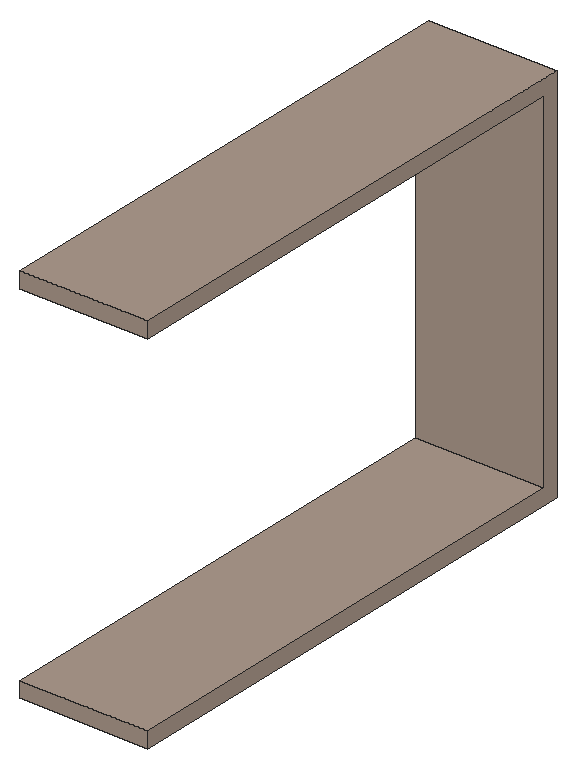
Revit family "AO_CW_FillerUpper_Gen_FB_IRVINE_CO", category Casework, Revit 2019
Family settings
  OmniClass Number = 23.40.35.00
  OmniClass Title = Casework
  Work Plane-Based = No
  Always vertical = Yes
  Cut with Voids When Loaded = No
  Shared = No
  Room Calculation Point = No
Parameters (values of type "FillerUpper")
  Top Height = 7' - 8"
  FillerWidth [instance] = 0' - 6"
  Door Panel Material = none
  Depth = 2' - 0"
  Height = 6' - 2"
  Width = 0' - 6"
Reference planes (in)
  plane 1 "Back": y = 0
  plane 2: z = 0
  plane 3 "Center (Left/Right)": x = 0.7377
  plane 4 "Left": x = -2.2623
  plane 5 "Right": x = 3.7377
  plane 6 "Front": y = -24
  plane 7 "Top": z = 74
  plane 8 "Top Top": z = 92
Forms (in)
  Extrusion 1, solid, material <- "Door Panel Material"
    sketch origin (0, 0, 74) x (0, -1, 0) y (1, 0, 0)
      loop
        line (0, -2.2623) -> (24, -2.2623) -> (24, 3.7377) -> (0, 3.7377) -> (0, -2.2623)
    from 0 to 0.75
  Extrusion 2, solid, material <- "Door Panel Material"
    sketch origin (0, 0, 92) x (-1, 0, 0) y (0, -1, 0)
      loop
        line (2.2623, 0) -> (2.2623, 24) -> (-3.7377, 24) -> (-3.7377, 0) -> (2.2623, 0)
    from 0 to -0.75
  Extrusion 3, solid, material <- "Door Panel Material"
    sketch origin (0, 0, 0) x (1, 0, 0) y (0, 0, 1)
      loop
        line (3.7377, 92) -> (-2.2623, 92) -> (-2.2623, 74) -> (3.7377, 74) -> (3.7377, 92)
    from 0 to 0.75
Cuts and joins
  joined: Extrusion 1, Extrusion 2, Extrusion 3
Lines and regions (in)
  symbolic lines, style "AO_HiddenUpperCounter"
    curve 1: line (-2.2623, 0, 0) -> (3.7377, 0, 0)
  symbolic lines, style "InvisibleLines"
    curve 2: line (-2.2623, -24, 0) -> (-2.2623, 0, 0)
    curve 3: line (3.7377, -24, 0) -> (-2.2623, -24, 0)
    curve 4: line (3.7377, 0, 0) -> (3.7377, -24, 0)
Dimensions and locks (in)
  "Depth": plane 6 "Front" to plane 1 "Back"
  "FillerWidth": plane 4 "Left" to plane 5 "Right"
  equal spacing: plane 4 "Left", plane 3 "Center (Left/Right)", plane 5 "Right"
  "Height": level to plane 7 "Top"
  "Top Height": plane 8 "Top Top" to level
  aligned and locked: plane 2 to level
  aligned and locked: Extrusion 2 to plane 1 "Back"
  aligned and locked: Extrusion 2 sketch curve to plane 6 "Front"
  aligned and locked: plane 1 "Back" to Extrusion 1 sketch curve
  aligned and locked: Extrusion 1 sketch curve to plane 6 "Front"
  aligned and locked: plane 4 "Left" to Extrusion 3 sketch curve
  aligned and locked: Extrusion 3 sketch curve to plane 5 "Right"
  aligned and locked: plane 5 "Right" to Extrusion 2 sketch curve
  aligned and locked: Extrusion 2 sketch curve to plane 4 "Left"
  aligned and locked: plane 5 "Right" to Extrusion 1 sketch curve
  aligned and locked: Extrusion 1 sketch curve to plane 4 "Left"
  aligned and locked: plane 8 "Top Top" to Extrusion 3 sketch curve
  aligned and locked: plane 7 "Top" to Extrusion 3 sketch curve
  aligned and locked: plane 1 "Back" to curve 1
  aligned and locked: curve 2 to plane 4 "Left"
  aligned and locked: curve 3 to plane 6 "Front"
  aligned and locked: plane 5 "Right" to curve 4
Automatic sketch dimensions
  plane 1 "Back" to Extrusion 2 sketch curve = 0' - 0"
